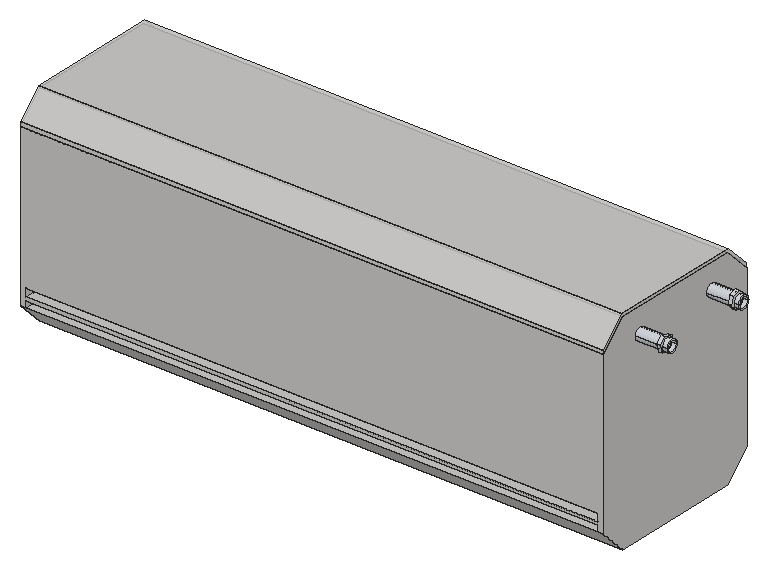
Revit family "Air-Curtain_Customer-Entry_PoweredAire_CED-HW-ST", category Mechanical Equipment, host Face, Revit 2024
Family settings
  Host = Face
  Round Connector Dimension = Use Diameter
  Part Type = Normal
  OmniClass Number = 23.75.35.17.21
  OmniClass Title = Air Curtains
  Cut with Voids When Loaded = No
  Maintain Annotation Orientation = No
  Shared = No
  Room Calculation Point = No
Parameters
  upperrotation [instance] = if(Upper Pipe Connection Side A, 0.00°, 180.00°)  # 0.00°
  lowerrotation [instance] = if(Lower Pipe Connection Side A, 0.00°, 180.00°)  # 0.00°
  locateupperpipe [instance] = 0.00"
  locatelowerpipe [instance] = 0.00"
  Upper Pipe Connection Side A [instance] = yes
  Unit Width Notes = "Other Widths available."  # constant formula
  Unit Width [instance] = 49.00"
  Unit Weight = 0
  Unit Height [instance] = 15.00"
  Unit Depth [instance] = 17.50"
  URL = "http://www.poweredaire.com/"
  Specification = ""
  Projection from Host [instance] = 2.00"
  Product Page URL = "https://www.arcat.com/company/powered-aire-inc-47623"
  Power Rating = 0 W
  Piping_Water Flow [instance] = 0 GPM
  Piping_Operating Pressure [instance] = 0.00 psi
  Piping_Exit Temperature [instance] = 0 °F
  Piping_Entry Temperature [instance] = 0 °F
  Pipe OD [instance] = 5/8"
  Mounting Width = 45.00"
  Mounting Height [instance] = 50.00"
  Motor RPM = 0
  Motor HP = 0
  Motor Count = 0
  Model = "ECE ST"
  Max Height = 0.00"
  Manufacturer = "Powered Aire, Inc"
  Lower Pipe Connection Side A [instance] = yes
  Keynote = "23 34 33"
  Junction height [instance] = 2.25"
  Include Filters [instance] = no
  Include Clearance [instance] = yes
  Heating Element Load = 0 W
  HVAC_Temperature Rise [instance] = 0 °F
  HVAC_Outlet Volume [instance] = 0 CFM
  HVAC_Outlet Velocity Uniformity = 0
  HVAC_Outlet Velocity [instance] = 0 FPM
  HVAC_BTU Input = 0.0 Btu/h
  Front Grating Material [instance] = Metal - Steel - PoweredAire - Stainless 304 Perforated
  Frame Finish [instance] = Metal - Steel - PoweredAire - Stainless 304
  Electrical_Wattage [instance] = Power Rating + Heating Element Load  # 0 W
  Electrical_Voltage [instance] = 0 V
  Electrical_Phase [instance] = 1
  Electrical_Frequency [instance] = 0 Hz
  Electrical_Amperage [instance] = 0 A
  Description = ""
  Default Elevation = 0.00"  # constant formula
  Copyright = "©Arcat Inc."
  Clearance_Top [instance] = 20.50"
  Clearance_Side B [instance] = 11.875"
  Clearance_Side A [instance] = 11.875"
  Clearance_Intake [instance] = 8.75"
  Clearance_Bottom [instance] = 12.00"
  Clearance Material [instance] = ARCAT Clearance
  CAD Details = ""
  Assembly Code = "D3090400"
Reference planes (in)
  plane 1 "Center (Elevation)": y = 8.13818
  plane 2: z = 0
  plane 3 "Center (Left/Right)": x = 0
  plane 4 "FF": y = -41.86182
  plane 5: z = 2
  plane 6: x = 24.5
  plane 7: x = -24.5
  plane 8: z = 19.5
  plane 9: z = 17.5
  plane 10: z = 4
  plane 11: y = 15.63818
  plane 12: y = 0.63818
  plane 13: z = 0
  plane 14: x = -24.03
  plane 15: x = 24.03
  plane 16: y = 17.88818
Forms (in)
  Extrusion 1, solid, material "Metal - Steel - PoweredAire - Stainless 304" <- "Frame Finish"
    sketch origin (0, 0, 6.73006) x (0, 1, 0) y (0, 0, 1)
      loop
        line (0.63818, -2.73006) -> (2.63818, -4.73006) -> (13.63818, -4.73006) -> (15.63818, -2.73006) -> (15.63818, 10.76994) -> (13.63818, 12.76994) -> (2.63818, 12.76994) -> (0.63818, 10.76994) -> (0.63818, -2.73006)
    from -24.5 to 24.5
  Extrusion 2, void
    sketch origin (0, 0.875, 1) x (0, 1, 0) y (0, 0, 1)
      loop
        line (-0.23682, 3) -> (0.76318, 3) -> (0.76318, 4.5) -> (-0.23682, 4.5) -> (-0.23682, 3.82425) -> (0.61636, 3.82425) -> (0.61636, 3.57425) -> (-0.23682, 3.57425) -> (-0.23682, 3)
    from -24.03 to 24.03
  Extrusion 3, solid
    sketch origin (0, 8.13818, 0) x (1, 0, 0) y (0, 0, 1)
      loop
        line (1.75, 15.38) -> (-1.75, 15.38)
        arc (-1.75, 15.38) -> (-1.92678, 15.30678) -> (-2, 15.13) r 0.25
        line (-2, 15.13) -> (-2, 11.63)
        arc (-2, 11.63) -> (-1.92678, 11.45322) -> (-1.75, 11.38) r 0.25
        line (-1.75, 11.38) -> (1.75, 11.38)
        arc (1.75, 11.38) -> (1.92678, 11.45322) -> (2, 11.63) r 0.25
        line (2, 11.63) -> (2, 15.13)
        arc (2, 15.13) -> (1.92678, 15.30678) -> (1.75, 15.38) r 0.25
      loop
        circle (1.75, 15.13) r 0.03224
      loop
        circle (-1.75, 11.63) r 0.03224
    from -9.75 to -7.5
  Extrusion 4, solid, material "Metal - Steel - PoweredAire - Stainless 304 Perforated" <- "Front Grating Material"
    sketch origin (0, 0, 0) x (0, 1, 0) y (0, 0, 1)
      loop
        line (15.63818, 17.5) -> (15.63818, 17.83698) -> (13.73688, 19.73828) -> (2.53948, 19.73828) -> (0.63818, 17.83698) -> (0.63818, 17.5) -> (2.63818, 19.5) -> (13.63818, 19.5) -> (15.63818, 17.5)
    from -24.5 to 24.5
  Extrusion 5, void
    sketch origin (0, 8.13818, 0) x (1, 0, 0) y (0, 0, 1)
      loop
        circle (24, 15.5) r 0.19
      loop
        circle (24, 6) r 0.19
      loop
        circle (-24, 15.5) r 0.19
      loop
        circle (-24, 6) r 0.19
    from -9.75 to 0
Cuts and joins
  Extrusion 2, Extrusion 5 cuts Extrusion 1
Dimensions and locks (in)
  equal spacing: plane 7, plane 3 "Center (Left/Right)", plane 6
  "Unit Width": plane 7 to plane 6
  equal spacing: plane 12, plane 1 "Center (Elevation)", plane 11
  "Unit Height": plane 12 to plane 11
  Extrusion 2 sketch curve to Extrusion 2 sketch curve to Extrusion 2 sketch curve to Extrusion 2 sketch curve = 0.67575" locked, 0.25" locked, 0.57425" locked
  locked: Extrusion 2 sketch curve to Extrusion 2 sketch curve at 0.14681
  locked: Extrusion 1 sketch curve to plane 5 at 2  (x2)
  locked: Extrusion 3 sketch curve to Extrusion 3 sketch curve at 4  (x2)
  equal spacing: Extrusion 3 sketch curve, plane 3 "Center (Left/Right)", Extrusion 3 sketch curve
  locked: Extrusion 3 sketch curve to plane 9 at 2.12
  locked: plane 10 to plane 5 at 2
  locked: plane 11 to Extrusion 1 sketch curve at 2
  locked: Extrusion 1 sketch curve to plane 12 at 2
  locked: plane 8 to plane 9 at 2
  "Unit Depth": plane 8 to plane 5
  "Projection from Host": plane 5 to plane 13
  locked: nested 1 to plane 12 at 3.75027
  locked: nested 2 to plane 11 at 3.75027
  "Mounting Height": plane 1 "Center (Elevation)" to plane 4 "FF"
  locked: plane 7 to plane 14 at 0.47
  locked: plane 15 to plane 6 at 0.47
  plane 14 to plane 15 = 48.06"
  "Junction height": plane 11 to plane 16
  aligned and locked: plane 2 to host face
  aligned and locked: level to host face
  aligned and locked: plane 10 to cut or joined group of Extrusion 1, Extrusion 2, Extrusion 5
  aligned and locked: plane 8 to cut or joined group of Extrusion 1, Extrusion 2, Extrusion 5
  aligned and locked: plane 9 to cut or joined group of Extrusion 1, Extrusion 2, Extrusion 5
  aligned and locked: cut or joined group of Extrusion 1, Extrusion 2, Extrusion 5 to plane 8
  aligned and locked: cut or joined group of Extrusion 1, Extrusion 2, Extrusion 5 to plane 5
  aligned and locked: cut or joined group of Extrusion 1, Extrusion 2, Extrusion 5 to plane 10
  aligned and locked: host face to plane 13
  aligned and locked: cut or joined group of Extrusion 1, Extrusion 2, Extrusion 5 to plane 7
  aligned and locked: plane 6 to cut or joined group of Extrusion 1, Extrusion 2, Extrusion 5
  aligned and locked: Extrusion 4 sketch curve to plane 8
  aligned and locked: Extrusion 4 to cut or joined group of Extrusion 1, Extrusion 2, Extrusion 5  (x5)
  aligned and locked: plane 11 to Extrusion 3
  aligned and locked: nested 1 to plane 6
  aligned and locked: plane 15 to cut or joined group of Extrusion 1, Extrusion 2, Extrusion 5
  aligned and locked: cut or joined group of Extrusion 1, Extrusion 2, Extrusion 5 to plane 14
  aligned and locked: Extrusion 4 to plane 11
  aligned and locked: Extrusion 4 to plane 12
  aligned and locked: cut or joined group of Extrusion 1, Extrusion 2, Extrusion 5 to plane 12  (x2)
  aligned and locked: cut or joined group of Extrusion 1, Extrusion 2, Extrusion 5 to plane 11  (x2)
  aligned and locked: plane 12 to Extrusion 1 sketch curve
  aligned and locked: Extrusion 1 sketch curve to plane 11
  aligned and locked: Extrusion 5 to Extrusion 3
  aligned and locked: Extrusion 1 sketch curve to Extrusion 4
  aligned and locked: Extrusion 2 sketch curve to plane 12
  aligned and locked: plane 12 to cut or joined group of Extrusion 1, Extrusion 2, Extrusion 5
  aligned and locked: plane 1 "Center (Elevation)" to cut or joined group of Extrusion 1, Extrusion 2, Extrusion 5
  aligned and locked: Extrusion 1 to plane 11
  aligned and locked: plane 16 to Extrusion 3
Automatic sketch dimensions
  host sketch curve to host sketch curve = 96.00"  (x2)
  Extrusion 1 sketch curve to plane 8 = 0.00"
  Extrusion 1 sketch curve to plane 5 = 0.00"
  Extrusion 1 sketch curve to plane 9 = 0.00"
  plane 10 to Extrusion 2 sketch curve = 0.00"
  plane 12 to Extrusion 2 sketch curve = 0.85319"
  Extrusion 4 sketch curve to plane 9 = 0.00"  (x2)
  Extrusion 4 sketch curve to plane 12 = 0.00"
  Extrusion 4 sketch curve to plane 11 = 0.00"
  Extrusion 4 sketch curve to Extrusion 4 sketch curve = 0.0987"  (x2)
  plane 8 to Extrusion 4 sketch curve = 0.23828"
  plane 12 to Extrusion 4 sketch curve = 1.9013"
  plane 11 to Extrusion 4 sketch curve = 2.00"
  Extrusion 4 sketch curve to Extrusion 4 sketch curve = 0.33698"
  plane 9 to Extrusion 4 sketch curve = 0.33698"
  Extrusion 2 sketch curve to plane 12 = 0.00"
  plane 11 to Extrusion 1 sketch curve = 2.00"
  Extrusion 3 sketch curve to Extrusion 3 sketch curve = 0.00"  (x4)
  Extrusion 3 sketch curve to Extrusion 3 sketch curve = 0.25"  (x4)
  plane 14 to Extrusion 5 sketch curve = 0.03"  (x2)
  Extrusion 5 sketch curve to plane 15 = 0.03"  (x2)
  Extrusion 5 sketch curve to plane 9 = 2.00"  (x2)
  Extrusion 5 sketch curve to plane 10 = 2.00"  (x2)
  radius of Extrusion 3 sketch curve = 0.03224"  (x2)
  radius of Extrusion 5 sketch curve = 0.19"  (x4)
Nested families (in)
  nested 1: "Valve" at (24.5, 4.38845, 30.15595) x (0, 1, 0) z (1, 0, 0), type "Valve"
    with upperpiperotation 0.00°, lowerpiperotation 0.00°, locateupperpipe 0.00", locatelowerpipe 0.00", Upper Pipe Connection Side A yes, Projection from Host 4.00", Piping_Water Flow 0 GPM, Piping_Operating Pressure 0.00 psi, Piping_Exit Temperature 0 °F, Piping_Entry Temperature 0 °F, Pipe OD 5/8", Mounting Height 42.00", Lower Pipe Connection Side A yes, Include Clearance yes, Front Grating Material Metal - Steel - PoweredAire - White Perforated, Frame Finish Metal - Steel - PoweredAire - Stainless 304, Electrical_Wattage 0 W, Electrical_Voltage 0 V, Electrical_Phase 1, Electrical_Frequency 0 Hz, Electrical_Amperage 0 A, Cover Finish Metal - Steel - PoweredAire - White, Clearance_Top 0.00", Clearance_Side B 0.00", Clearance_Side A 0.00", Clearance_Intake 0.00", Clearance_Front 43.00", Clearance Material ARCAT Clearance
  nested 2: "Valve" at (24.5, 11.88791, 30.15595) x (0, -1, 0) z (1, 0, 0), type "Valve"
    with upperpiperotation 0.00°, lowerpiperotation 0.00°, locateupperpipe 0.00", locatelowerpipe 0.00", Upper Pipe Connection Side A yes, Projection from Host 4.00", Piping_Water Flow 0 GPM, Piping_Operating Pressure 0.00 psi, Piping_Exit Temperature 0 °F, Piping_Entry Temperature 0 °F, Pipe OD 5/8", Mounting Height 42.00", Lower Pipe Connection Side A yes, Include Clearance yes, Front Grating Material Metal - Steel - PoweredAire - White Perforated, Frame Finish Metal - Steel - PoweredAire - Stainless 304, Electrical_Wattage 0 W, Electrical_Voltage 0 V, Electrical_Phase 1, Electrical_Frequency 0 Hz, Electrical_Amperage 0 A, Cover Finish Metal - Steel - PoweredAire - White, Clearance_Top 0.00", Clearance_Side B 0.00", Clearance_Side A 0.00", Clearance_Intake 0.00", Clearance_Front 43.00", Clearance Material ARCAT Clearance
Definition of nested family "Valve"
  Parameters (values of type "Valve")
    upperpiperotation [instance] = if(Upper Pipe Connection Side A, 0.00°, 180.00°)  # 0.00°
    lowerpiperotation [instance] = if(Lower Pipe Connection Side A, 0.00°, 180.00°)  # 0.00°
    locateupperpipe [instance] = if(Upper Pipe Connection Side A, 0.00", Nozzle Width)  # 0.00"
    locatelowerpipe [instance] = if(Lower Pipe Connection Side A, 0.00", Nozzle Width)  # 0.00"
    Upper Pipe Connection Side A [instance] = yes
    Unit Width Notes = "Other Widths available."  # constant formula
    Unit Width = 73.00"
    Unit Weight = 0
    Unit Height = 15.00"
    Unit Depth = 17.00"
    URL = "http://www.poweredaire.com/"
    Specification = ""
    Projection from Host [instance] = 4.00"
    Product Page URL = "https://www.arcat.com/company/powered-aire-inc-47623"
    Power Rating = 0 W
    Piping_Water Flow [instance] = 0 GPM
    Piping_Operating Pressure [instance] = 0.00 psi
    Piping_Exit Temperature [instance] = 0 °F
    Piping_Entry Temperature [instance] = 0 °F
    Pipe OD [instance] = 5/8"
    Nozzle Width = if(1 = 1, Unit Width - 3.00", 0.00")  # 70.00"
    Mounting Width = if(1 = 1, Unit Width - 1.50", 0.00")  # 71.50"
    Mounting Height [instance] = 42.00"
    Motor RPM = 0
    Motor HP = 0
    Motor Count = 0
    Model = "CLD CHD HW ST"
    Max Height = 0.00"
    Manufacturer = "Powered Aire, Inc"
    Lower Pipe Connection Side A [instance] = yes
    Keynote = "23 34 33"
    Junction Height = 1.77"
    Include Clearance [instance] = yes
    Heating Element Load = 0 W
    HVAC_Temperature Rise = 0 °F
    HVAC_Outlet Volume = 0 CFM
    HVAC_Outlet Velocity Uniformity = 0
    HVAC_Outlet Velocity = 0 FPM
    HVAC_BTU Input = 0.0 Btu/h
    Front Grating Material [instance] = none
    Frame Finish [instance] = none
    Electrical_Wattage [instance] = Power Rating + Heating Element Load  # 0 W
    Electrical_Voltage [instance] = 0 V
    Electrical_Phase [instance] = 1
    Electrical_Frequency [instance] = 0 Hz
    Electrical_Amperage [instance] = 0 A
    Description = ""
    Default Elevation = 0.00"  # constant formula
    Cover Finish [instance] = none
    Copyright = "©Arcat Inc."
    Clearance_Top [instance] = 0.00"
    Clearance_Side B [instance] = 0.00"
    Clearance_Side A [instance] = 0.00"
    Clearance_Intake [instance] = 0.00"
    Clearance_Front [instance] = 43.00"
    Clearance Material [instance] = none
    CAD Details = ""
    Assembly Code = "D3090400"
  Reference planes (in)
    plane 1 "Center (Elevation)": y = -12.65595
    plane 2: z = 0
    plane 3 "Center (Left/Right)": x = 0
  Forms (in)
    Extrusion 1, solid
      sketch origin (0, 0, 0) x (1, 0, 0) y (0, 1, 0)
        loop
          line (-60, 48) -> (-60, -48) -> (63.22671, -48) -> (63.22671, 48) -> (-60, 48)
      from 0 to -12
    Extrusion 2, solid
      sketch origin (0, 0, 0) x (1, 0, 0) y (0, 1, 0)
        loop
          circle (0, -12.65595) r 0.45
        loop
          circle (0, -12.65595) r 0.5
      from 0 to 2.75
    Extrusion 3, solid
      sketch origin (0, 0, 0) x (1, 0, 0) y (0, 1, 0)
        loop
          line (0.64691, -12.82929) -> (0.47357, -12.18238) -> (-0.17334, -12.00904) -> (-0.64691, -12.48261) -> (-0.47357, -13.12952) -> (0.17334, -13.30286) -> (0.64691, -12.82929)
        loop
          circle (0, -12.65595) r 0.5
      from 1.99342 to 2.31497
  Dimensions and locks (in)
    aligned and locked: plane 2 to Extrusion 1
    aligned and locked: level to Extrusion 1
